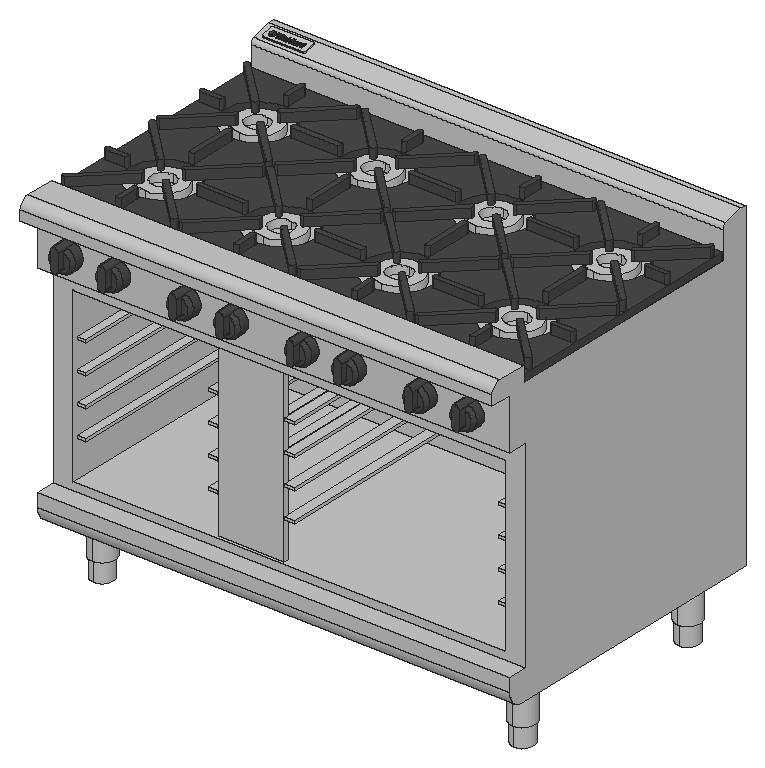
Revit family "QF_MOFFAT WALDORF_RNL8800G-CB", category Specialty Equipment, Revit 2012 (continued)
Lines and regions (mm)
  symbolic lines
    curve 20: line (349.562, -20.984, 0) -> (329.562, -20.984, 0)
    curve 21: line (389.563, -50.782, 0) -> (389.563, -20.984, 0)
    curve 22: line (389.563, -20.984, 0) -> (409.563, -20.984, 0)
    curve 23: line (409.563, -20.984, 0) -> (409.563, -50.782, 0)
    curve 24: line (409.563, -50.782, 0) -> (389.563, -50.782, 0)
    curve 25: line (449.563, -20.984, 0) -> (449.563, -50.782, 0)
    curve 26: line (449.563, -50.782, 0) -> (469.563, -50.782, 0)
    curve 27: line (469.563, -50.782, 0) -> (469.563, -20.984, 0)
    curve 28: line (469.563, -20.984, 0) -> (449.563, -20.984, 0)
    curve 29: line (509.563, -20.984, 0) -> (509.563, -50.782, 0)
    curve 30: line (509.563, -50.782, 0) -> (529.563, -50.782, 0)
    curve 31: line (529.563, -50.782, 0) -> (529.563, -20.984, 0)
    curve 32: line (529.563, -20.984, 0) -> (509.563, -20.984, 0)
    curve 33: line (569.563, -50.782, 0) -> (569.563, -20.984, 0)
    curve 34: line (569.563, -20.984, 0) -> (589.563, -20.984, 0)
    curve 35: line (589.563, -20.984, 0) -> (589.563, -50.782, 0)
    curve 36: line (589.563, -50.782, 0) -> (569.563, -50.782, 0)
    curve 37: line (629.563, -20.984, 0) -> (629.563, -50.782, 0)
    curve 38: line (629.563, -50.782, 0) -> (649.563, -50.782, 0)
    curve 39: line (649.563, -50.782, 0) -> (649.563, -20.984, 0)
    curve 40: line (649.563, -20.984, 0) -> (629.563, -20.984, 0)
    curve 41: line (689.563, -20.984, 0) -> (689.563, -50.782, 0)
    curve 42: line (689.563, -50.782, 0) -> (709.563, -50.782, 0)
    curve 43: line (709.563, -50.782, 0) -> (709.563, -20.984, 0)
    curve 44: line (709.563, -20.984, 0) -> (689.563, -20.984, 0)
    curve 45: line (749.563, -50.782, 0) -> (749.563, -20.984, 0)
    curve 46: line (749.563, -20.984, 0) -> (769.563, -20.984, 0)
    curve 47: line (769.563, -20.984, 0) -> (769.563, -50.782, 0)
    curve 48: line (769.563, -50.782, 0) -> (749.563, -50.782, 0)
    curve 49: line (809.563, -20.984, 0) -> (809.563, -50.782, 0)
    curve 50: line (809.563, -50.782, 0) -> (829.563, -50.782, 0)
    curve 51: line (829.563, -50.782, 0) -> (829.563, -20.984, 0)
    curve 52: line (829.563, -20.984, 0) -> (809.563, -20.984, 0)
    curve 53: line (869.563, -20.984, 0) -> (869.563, -50.782, 0)
    curve 54: line (869.563, -50.782, 0) -> (889.563, -50.782, 0)
    curve 55: line (889.563, -50.782, 0) -> (889.563, -20.984, 0)
    curve 56: line (889.563, -20.984, 0) -> (869.563, -20.984, 0)
    curve 57: line (929.563, -50.782, 0) -> (929.563, -20.984, 0)
    curve 58: line (929.563, -20.984, 0) -> (949.563, -20.984, 0)
    curve 59: line (949.563, -20.984, 0) -> (949.563, -50.782, 0)
    curve 60: line (949.563, -50.782, 0) -> (929.563, -50.782, 0)
    curve 61: line (989.563, -20.984, 0) -> (989.563, -50.782, 0)
    curve 62: line (989.563, -50.782, 0) -> (1009.563, -50.782, 0)
    curve 63: line (1009.563, -50.782, 0) -> (1009.563, -20.984, 0)
    curve 64: line (1009.563, -20.984, 0) -> (989.563, -20.984, 0)
    curve 65: arc (150, -153.418, 0) -> (234.082, -237.5, 0) -> (150, -321.582, 0) r 84.082
    curve 66: arc (150, -321.582, 0) -> (65.918, -237.5, 0) -> (150, -153.418, 0) r 84.082
    curve 67: arc (150, -294.5, 0) -> (207, -237.5, 0) -> (150, -180.5, 0) r 57
    curve 68: arc (150, -180.5, 0) -> (93, -237.5, 0) -> (150, -294.5, 0) r 57
    curve 69: arc (450, -321.582, 0) -> (365.918, -237.5, 0) -> (450, -153.418, 0) r 84.082
    curve 70: arc (450, -153.418, 0) -> (534.082, -237.5, 0) -> (450, -321.582, 0) r 84.082
    curve 71: arc (450, -180.5, 0) -> (393, -237.5, 0) -> (450, -294.5, 0) r 57
    curve 72: arc (450, -294.5, 0) -> (507, -237.5, 0) -> (450, -180.5, 0) r 57
    curve 73: arc (450, -621.582, 0) -> (365.918, -537.5, 0) -> (450, -453.418, 0) r 84.082
    curve 74: arc (450, -453.418, 0) -> (534.082, -537.5, 0) -> (450, -621.582, 0) r 84.082
    curve 75: arc (450, -480.5, 0) -> (393, -537.5, 0) -> (450, -594.5, 0) r 57
    curve 76: arc (450, -594.5, 0) -> (507, -537.5, 0) -> (450, -480.5, 0) r 57
    curve 77: arc (150, -453.418, 0) -> (234.082, -537.5, 0) -> (150, -621.582, 0) r 84.082
    curve 78: arc (150, -621.582, 0) -> (65.918, -537.5, 0) -> (150, -453.418, 0) r 84.082
    curve 79: arc (150, -594.5, 0) -> (207, -537.5, 0) -> (150, -480.5, 0) r 57
    curve 80: arc (150, -480.5, 0) -> (93, -537.5, 0) -> (150, -594.5, 0) r 57
    curve 81: arc (750, -153.418, 0) -> (834.082, -237.5, 0) -> (750, -321.582, 0) r 84.082
    curve 82: arc (750, -321.582, 0) -> (665.918, -237.5, 0) -> (750, -153.418, 0) r 84.082
    curve 83: arc (750, -294.5, 0) -> (807, -237.5, 0) -> (750, -180.5, 0) r 57
    curve 84: arc (750, -180.5, 0) -> (693, -237.5, 0) -> (750, -294.5, 0) r 57
    curve 85: arc (750, -453.418, 0) -> (834.082, -537.5, 0) -> (750, -621.582, 0) r 84.082
    curve 86: arc (750, -621.582, 0) -> (665.918, -537.5, 0) -> (750, -453.418, 0) r 84.082
    curve 87: arc (750, -594.5, 0) -> (807, -537.5, 0) -> (750, -480.5, 0) r 57
    curve 88: arc (750, -480.5, 0) -> (693, -537.5, 0) -> (750, -594.5, 0) r 57
    curve 89: arc (1050, -321.582, 0) -> (965.918, -237.5, 0) -> (1050, -153.418, 0) r 84.082
    curve 90: arc (1050, -153.418, 0) -> (1134.082, -237.5, 0) -> (1050, -321.582, 0) r 84.082
    curve 91: arc (1050, -294.5, 0) -> (1107, -237.5, 0) -> (1050, -180.5, 0) r 57
    curve 92: arc (1050, -180.5, 0) -> (993, -237.5, 0) -> (1050, -294.5, 0) r 57
    curve 93: arc (1050, -621.582, 0) -> (965.918, -537.5, 0) -> (1050, -453.418, 0) r 84.082
    curve 94: arc (1050, -453.418, 0) -> (1134.082, -537.5, 0) -> (1050, -621.582, 0) r 84.082
    curve 95: arc (1050, -480.5, 0) -> (993, -537.5, 0) -> (1050, -594.5, 0) r 57
    curve 96: arc (1050, -594.5, 0) -> (1107, -537.5, 0) -> (1050, -480.5, 0) r 57
    curve 97: line (149.548, -91.559, 0) -> (149.548, -150.474, 0)
    curve 98: line (292.985, -93.673, 0) -> (177.661, -208.996, 0)
    curve 99: line (6.308, -93.805, 0) -> (122.981, -210.478, 0)
    curve 100: line (4.051, -237.21, 0) -> (62.934, -237.21, 0)
    curve 101: line (237.206, -237.685, 0) -> (362.206, -237.685, 0)
    curve 102: line (177.414, -264.855, 0) -> (292.362, -379.803, 0)
    curve 103: line (121.919, -265.123, 0) -> (7.026, -380.016, 0)
    curve 104: line (149.925, -324.847, 0) -> (149.925, -444.847, 0)
    curve 105: line (149.548, -683.441, 0) -> (149.548, -624.526, 0)
    curve 106: line (292.985, -681.327, 0) -> (177.661, -566.004, 0)
    curve 107: line (6.308, -681.195, 0) -> (122.981, -564.522, 0)
    curve 108: line (4.051, -537.79, 0) -> (62.934, -537.79, 0)
    curve 109: line (237.206, -537.315, 0) -> (362.206, -537.315, 0)
    curve 110: line (177.414, -510.145, 0) -> (292.362, -395.197, 0)
    curve 111: line (121.919, -509.877, 0) -> (7.026, -394.984, 0)
    curve 112: line (450.452, -91.559, 0) -> (450.452, -150.474, 0)
    curve 113: line (307.015, -93.673, 0) -> (422.339, -208.996, 0)
    curve 114: line (593.692, -93.805, 0) -> (477.019, -210.478, 0)
    curve 115: line (422.586, -264.855, 0) -> (307.638, -379.803, 0)
    curve 116: line (478.081, -265.123, 0) -> (592.974, -380.016, 0)
    curve 117: line (450.075, -324.847, 0) -> (450.075, -444.847, 0)
    curve 118: line (450.452, -683.441, 0) -> (450.452, -624.526, 0)
    curve 119: line (307.015, -681.327, 0) -> (422.339, -566.004, 0)
    curve 120: line (593.692, -681.195, 0) -> (477.019, -564.522, 0)
    curve 121: line (362.794, -537.315, 0) -> (237.794, -537.315, 0)
    curve 122: line (422.586, -510.145, 0) -> (307.638, -395.197, 0)
    curve 123: line (478.081, -509.877, 0) -> (592.974, -394.984, 0)
    curve 124: arc (1050, -153.418, 0) -> (965.918, -237.5, 0) -> (1050, -321.582, 0) r 84.082
    curve 125: arc (1050, -321.582, 0) -> (1134.082, -237.5, 0) -> (1050, -153.418, 0) r 84.082
    curve 126: arc (1050, -294.5, 0) -> (993, -237.5, 0) -> (1050, -180.5, 0) r 57
    curve 127: arc (1050, -180.5, 0) -> (1107, -237.5, 0) -> (1050, -294.5, 0) r 57
    curve 128: arc (750, -321.582, 0) -> (834.082, -237.5, 0) -> (750, -153.418, 0) r 84.082
    curve 129: arc (750, -153.418, 0) -> (665.918, -237.5, 0) -> (750, -321.582, 0) r 84.082
    curve 130: arc (750, -180.5, 0) -> (807, -237.5, 0) -> (750, -294.5, 0) r 57
    curve 131: arc (750, -294.5, 0) -> (693, -237.5, 0) -> (750, -180.5, 0) r 57
    curve 132: arc (750, -621.582, 0) -> (834.082, -537.5, 0) -> (750, -453.418, 0) r 84.082
    curve 133: arc (750, -453.418, 0) -> (665.918, -537.5, 0) -> (750, -621.582, 0) r 84.082
    curve 134: arc (750, -480.5, 0) -> (807, -537.5, 0) -> (750, -594.5, 0) r 57
    curve 135: arc (750, -594.5, 0) -> (693, -537.5, 0) -> (750, -480.5, 0) r 57
    curve 136: arc (1050, -453.418, 0) -> (965.918, -537.5, 0) -> (1050, -621.582, 0) r 84.082
    curve 137: arc (1050, -621.582, 0) -> (1134.082, -537.5, 0) -> (1050, -453.418, 0) r 84.082
    curve 138: arc (1050, -594.5, 0) -> (993, -537.5, 0) -> (1050, -480.5, 0) r 57
    curve 139: arc (1050, -480.5, 0) -> (1107, -537.5, 0) -> (1050, -594.5, 0) r 57
    curve 140: line (1050.452, -91.559, 0) -> (1050.452, -150.474, 0)
    curve 141: line (907.015, -93.673, 0) -> (1022.339, -208.996, 0)
    curve 142: line (1195.949, -237.21, 0) -> (1137.066, -237.21, 0)
    curve 143: line (962.794, -237.685, 0) -> (837.794, -237.685, 0)
    curve 144: line (1022.586, -264.855, 0) -> (907.638, -379.803, 0)
    curve 145: line (1078.081, -265.123, 0) -> (1192.974, -380.016, 0)
    curve 146: line (1050.075, -324.847, 0) -> (1050.075, -444.847, 0)
    curve 147: line (1050.452, -683.441, 0) -> (1050.452, -624.526, 0)
    curve 148: line (907.015, -681.327, 0) -> (1022.339, -566.004, 0)
    curve 149: line (1193.692, -681.195, 0) -> (1077.019, -564.522, 0)
    curve 150: line (1195.949, -537.79, 0) -> (1137.066, -537.79, 0)
    curve 151: line (962.794, -537.315, 0) -> (837.794, -537.315, 0)
    curve 152: line (1022.586, -510.145, 0) -> (907.638, -395.197, 0)
    curve 153: line (1078.081, -509.877, 0) -> (1192.974, -394.984, 0)
    curve 154: line (749.548, -91.559, 0) -> (749.548, -150.474, 0)
    curve 155: line (892.985, -93.673, 0) -> (777.661, -208.996, 0)
    curve 156: line (606.308, -93.805, 0) -> (722.981, -210.478, 0)
    curve 157: line (777.414, -264.855, 0) -> (892.362, -379.803, 0)
    curve 158: line (721.919, -265.123, 0) -> (607.026, -380.016, 0)
    curve 159: line (749.925, -324.847, 0) -> (749.925, -444.847, 0)
    curve 160: line (749.548, -683.441, 0) -> (749.548, -624.526, 0)
    curve 161: line (892.985, -681.327, 0) -> (777.661, -566.004, 0)
    curve 162: line (606.308, -681.195, 0) -> (722.981, -564.522, 0)
    curve 163: line (837.206, -537.315, 0) -> (962.206, -537.315, 0)
    curve 164: line (777.414, -510.145, 0) -> (892.362, -395.197, 0)
    curve 165: line (721.919, -509.877, 0) -> (607.026, -394.984, 0)
    curve 166: line (1192.985, -93.673, 0) -> (1077.661, -208.996, 0)
    curve 167: line (537.5, -237.685, 0) -> (662.5, -237.685, 0)
    curve 168: line (663.089, -537.315, 0) -> (538.089, -537.315, 0)
    curve 169: line (0, -387.5, 0) -> (1200, -387.5, 0)
    curve 170: line (300.379, -70, 0) -> (300.379, -705, 0)
    curve 171: line (600, -70, 0) -> (600, -705, 0)
    curve 172: line (900, -70, 0) -> (900, -705, 0)
    curve 173: line (1200, -805, 0) -> (1200, 0, 0)
    curve 174: line (0, -805, 0) -> (1200, -805, 0)
    curve 175: line (0, 0, 0) -> (0, -805, 0)
    curve 176: line (1200, -705, 0) -> (0, -705, 0)
    curve 177: line (0, -70, 0) -> (1200, -70, 0)
    curve 178: line (1200, 0, 0) -> (0, 0, 0)
    curve 179: arc (150, -207.5, 150) -> (180, -237.5, 150) -> (150, -267.5, 150) r 30
    curve 180: arc (150, -267.5, 150) -> (120, -237.5, 150) -> (150, -207.5, 150) r 30
    curve 181: arc (450, -267.5, 150) -> (420, -237.5, 150) -> (450, -207.5, 150) r 30
    curve 182: arc (450, -207.5, 150) -> (480, -237.5, 150) -> (450, -267.5, 150) r 30
    curve 183: arc (750, -267.5, 150) -> (720, -237.5, 150) -> (750, -207.5, 150) r 30
    curve 184: arc (750, -207.5, 150) -> (780, -237.5, 150) -> (750, -267.5, 150) r 30
    curve 185: arc (1050, -267.5, 150) -> (1020, -237.5, 150) -> (1050, -207.5, 150) r 30
    curve 186: arc (1050, -207.5, 150) -> (1080, -237.5, 150) -> (1050, -267.5, 150) r 30
    curve 187: arc (1050, -567.5, 150) -> (1020, -537.5, 150) -> (1050, -507.5, 150) r 30
    curve 188: arc (1050, -507.5, 150) -> (1080, -537.5, 150) -> (1050, -567.5, 150) r 30
    curve 189: arc (750, -507.5, 150) -> (780, -537.5, 150) -> (750, -567.5, 150) r 30
    curve 190: arc (750, -567.5, 150) -> (720, -537.5, 150) -> (750, -507.5, 150) r 30
    curve 191: arc (450, -507.5, 150) -> (480, -537.5, 150) -> (450, -567.5, 150) r 30
    curve 192: arc (450, -567.5, 150) -> (420, -537.5, 150) -> (450, -507.5, 150) r 30
    curve 193: arc (150, -507.5, 150) -> (180, -537.5, 150) -> (150, -567.5, 150) r 30
    curve 194: arc (150, -567.5, 150) -> (120, -537.5, 150) -> (150, -507.5, 150) r 30
Dimensions and locks
  equal spacing: plane 3 "LEFT", plane 7 "Center Y", plane 4 "RIGHT"
  plane 3 "LEFT" to plane 4 "RIGHT" = 1200.0 mm
  equal spacing: plane 5 "FRONT", plane 8 "Center X", plane 1 "BACK"
  plane 5 "FRONT" to plane 1 "BACK" = 805.0 mm
  "Base Height": plane 9 "Base Height" to level
  plane 6 "TOP" to level = 970.0 mm
  plane 10 to plane 11 = 1069.0 mm
  "Body Height": plane 12 to level
  Extrusion 7 sketch curve to plane 13 = 64.8 mm
  level to Extrusion 4 = 655.0 mm
  Extrusion 26 to Extrusion 26 = 477.356 mm
  aligned and locked: level to plane 2
  aligned and locked: Extrusion 1 to Revolve 13 sketch curve
Automatic sketch dimensions
  curve 65 to curve 67 = 0.0 mm  (x2)
  curve 69 to curve 71 = 0.0 mm  (x2)
  curve 73 to curve 75 = 0.0 mm
  curve 74 to curve 76 = 0.0 mm
  curve 77 to curve 79 = 0.0 mm  (x2)
  curve 81 to curve 83 = 0.0 mm  (x2)
  curve 81 to curve 128 = 0.0 mm  (x3)
  curve 81 to curve 130 = 0.0 mm  (x2)
  curve 85 to curve 87 = 0.0 mm  (x2)
  curve 85 to curve 132 = 0.0 mm
  curve 85 to curve 134 = 0.0 mm  (x2)
  curve 86 to curve 133 = 0.0 mm
  curve 89 to curve 91 = 0.0 mm  (x2)
  curve 90 to curve 127 = 0.0 mm
  curve 91 to curve 126 = 0.0 mm  (x2)
  curve 93 to curve 95 = 0.0 mm  (x2)
  curve 94 to curve 136 = 0.0 mm
  curve 96 to curve 139 = 0.0 mm
  curve 125 to curve 127 = 0.0 mm  (x2)
  curve 137 to curve 139 = 0.0 mm  (x2)
  curve 171 to plane 7 "Center Y" = 0.0 mm
  curve 169 to plane 4 "RIGHT" = 0.0 mm
  plane 3 "LEFT" to curve 100 = 4.051 mm
  plane 3 "LEFT" to curve 108 = 4.051 mm
  plane 3 "LEFT" to curve 107 = 6.308 mm
  plane 3 "LEFT" to curve 99 = 6.308 mm
  plane 3 "LEFT" to curve 111 = 7.026 mm
  plane 3 "LEFT" to curve 103 = 7.026 mm
  plane 3 "LEFT" to curve 3 = 12.5 mm
  curve 100 to plane 11 = 2.066 mm
  curve 108 to plane 11 = 2.066 mm
  plane 11 to curve 4 = 56.5 mm
  plane 11 to curve 103 = 56.919 mm
  plane 11 to curve 111 = 56.919 mm
  curve 111 to curve 107 = 1.062 mm
  curve 103 to curve 99 = 1.062 mm
  curve 99 to curve 97 = 26.567 mm
  plane 11 to curve 105 = 84.548 mm
  curve 2 to curve 5 = 28.062 mm
  curve 103 to curve 104 = 28.006 mm
  curve 104 to curve 80 = 0.075 mm
  curve 104 to curve 68 = 0.075 mm
  curve 5 to curve 7 = 20.0 mm
  curve 65 to curve 102 = 27.414 mm
  curve 77 to curve 110 = 27.414 mm
  curve 67 to curve 98 = 27.661 mm
  curve 79 to curve 106 = 27.661 mm
  curve 6 to curve 9 = 40.0 mm
  curve 9 to curve 12 = 20.0 mm
  curve 102 to curve 101 = 59.792 mm
  curve 110 to curve 109 = 59.792 mm
  curve 109 to curve 121 = 0.589 mm  (x2)
  curve 10 to curve 13 = 40.0 mm
  curve 13 to curve 16 = 20.0 mm
  plane 8 "Center X" to curve 110 = 7.303 mm
  curve 104 to curve 110 = 142.437 mm
  plane 8 "Center X" to curve 102 = 22.697 mm
  curve 102 to curve 110 = 0.0 mm
  curve 105 to curve 106 = 143.437 mm
  plane 1 "BACK" to curve 98 = 93.673 mm
  curve 14 to curve 98 = 3.422 mm
  curve 14 to curve 170 = 10.817 mm
  curve 98 to curve 113 = 14.03 mm
  curve 106 to curve 119 = 14.03 mm
  plane 8 "Center X" to curve 122 = 7.303 mm
  curve 110 to curve 122 = 15.277 mm
  plane 8 "Center X" to curve 115 = 22.697 mm
  curve 102 to curve 115 = 15.277 mm
  curve 15 to curve 20 = 40.0 mm
  curve 17 to curve 19 = 20.0 mm
  curve 101 to curve 101 = 125.0 mm
  curve 121 to curve 109 = 124.411 mm
  curve 19 to curve 22 = 40.0 mm
  curve 21 to curve 23 = 20.0 mm
  curve 101 to curve 113 = 60.133 mm
  curve 121 to curve 119 = 59.544 mm
  curve 113 to curve 115 = 0.248 mm
  curve 119 to curve 122 = 0.248 mm
  curve 22 to curve 25 = 40.0 mm
  curve 122 to curve 73 = 27.414 mm
  curve 113 to curve 72 = 27.661 mm
  curve 74 to curve 117 = 0.075 mm
  curve 70 to curve 112 = 0.452 mm
  curve 73 to curve 118 = 0.452 mm
  curve 25 to curve 27 = 20.0 mm
  curve 73 to curve 120 = 27.019 mm
  curve 69 to curve 114 = 27.019 mm
  curve 73 to curve 123 = 28.081 mm
  curve 69 to curve 116 = 28.081 mm
  curve 26 to curve 30 = 40.0 mm
  curve 29 to curve 31 = 20.0 mm
  curve 167 to plane 7 "Center Y" = 62.5 mm
  curve 168 to plane 7 "Center Y" = 61.911 mm
  curve 33 to plane 7 "Center Y" = 30.437 mm
  curve 35 to plane 7 "Center Y" = 10.437 mm
  curve 123 to plane 7 "Center Y" = 7.026 mm
  curve 116 to plane 7 "Center Y" = 7.026 mm
  curve 120 to plane 7 "Center Y" = 6.308 mm
  curve 114 to plane 7 "Center Y" = 6.308 mm
  plane 7 "Center Y" to curve 156 = 6.308 mm
  plane 7 "Center Y" to curve 162 = 6.308 mm
  plane 7 "Center Y" to curve 165 = 7.026 mm
  plane 7 "Center Y" to curve 158 = 7.026 mm
  plane 7 "Center Y" to curve 37 = 29.563 mm
  curve 37 to curve 38 = 20.0 mm
  plane 7 "Center Y" to curve 167 = 62.5 mm
  plane 7 "Center Y" to curve 168 = 63.089 mm
  curve 38 to curve 41 = 40.0 mm
  curve 41 to curve 43 = 20.0 mm
  curve 167 to curve 158 = 59.419 mm
  curve 168 to curve 165 = 58.83 mm
  curve 158 to curve 156 = 1.062 mm
  curve 165 to curve 162 = 1.062 mm
  curve 162 to curve 160 = 26.567 mm
  curve 156 to curve 154 = 26.567 mm
  curve 43 to curve 45 = 40.0 mm
  curve 158 to curve 159 = 28.006 mm
  curve 159 to curve 128 = 0.075 mm
  curve 162 to curve 133 = 27.019 mm
  curve 45 to curve 47 = 20.0 mm
  curve 85 to curve 164 = 27.414 mm
  curve 81 to curve 157 = 27.414 mm
  curve 84 to curve 155 = 27.661 mm
  curve 134 to curve 161 = 27.661 mm
  curve 47 to curve 50 = 40.0 mm
  curve 49 to curve 51 = 20.0 mm
  curve 164 to curve 163 = 59.792 mm
  curve 163 to curve 151 = 0.589 mm  (x2)
  curve 157 to curve 143 = 60.381 mm
  curve 51 to curve 53 = 40.0 mm
  curve 53 to curve 55 = 20.0 mm
  plane 8 "Center X" to curve 164 = 7.303 mm
  curve 159 to curve 164 = 142.437 mm
  plane 8 "Center X" to curve 157 = 22.697 mm
  curve 157 to curve 164 = 0.0 mm
  curve 160 to curve 161 = 143.437 mm
  plane 1 "BACK" to curve 155 = 93.673 mm
  curve 54 to curve 155 = 3.422 mm
  curve 54 to curve 172 = 10.438 mm
  curve 161 to curve 148 = 14.03 mm
  plane 1 "BACK" to curve 141 = 93.673 mm
  curve 155 to curve 141 = 14.03 mm
  plane 8 "Center X" to curve 144 = 22.697 mm
  curve 157 to curve 144 = 15.277 mm
  plane 8 "Center X" to curve 152 = 7.303 mm
  curve 164 to curve 152 = 15.277 mm
  curve 55 to curve 58 = 40.0 mm
  curve 57 to curve 60 = 20.0 mm
  curve 151 to curve 163 = 124.411 mm
  curve 143 to curve 143 = 125.0 mm
  curve 59 to curve 62 = 40.0 mm
  curve 61 to curve 63 = 20.0 mm
  curve 143 to curve 141 = 59.544 mm
  curve 151 to curve 148 = 59.544 mm
  curve 148 to curve 152 = 0.248 mm
  curve 141 to curve 144 = 0.248 mm
  curve 148 to curve 139 = 27.661 mm
  curve 144 to curve 92 = 27.414 mm
  curve 125 to curve 146 = 0.075 mm
  curve 137 to curve 147 = 0.452 mm
  curve 62 to curve 140 = 40.89 mm
  curve 136 to curve 149 = 27.019 mm
  curve 126 to curve 166 = 27.661 mm
  curve 136 to curve 153 = 28.081 mm
  curve 124 to curve 145 = 28.081 mm
  plane 10 to curve 150 = 3.066 mm
  plane 10 to curve 142 = 3.066 mm
  plane 4 "RIGHT" to curve 145 = 7.026 mm
  plane 4 "RIGHT" to curve 153 = 7.026 mm
  plane 4 "RIGHT" to curve 166 = 7.015 mm
  plane 4 "RIGHT" to curve 149 = 6.308 mm
  plane 4 "RIGHT" to curve 150 = 4.051 mm
  plane 4 "RIGHT" to curve 142 = 4.051 mm
  curve 159 to plane 8 "Center X" = 42.347 mm
  curve 146 to plane 8 "Center X" = 42.347 mm
  curve 117 to plane 8 "Center X" = 42.347 mm
  curve 104 to plane 8 "Center X" = 42.347 mm
  curve 94 to curve 146 = 8.57 mm
  curve 73 to curve 117 = 8.57 mm
  curve 86 to curve 159 = 8.57 mm
  curve 137 to curve 94 = 0.0 mm
  curve 77 to curve 104 = 8.57 mm
  curve 133 to curve 86 = 0.0 mm
  curve 79 to curve 77 = 27.082 mm
  curve 96 to curve 93 = 27.082 mm
  curve 88 to curve 85 = 27.082 mm
  curve 75 to curve 73 = 27.082 mm
  curve 139 to curve 95 = 0.0 mm
  curve 135 to curve 87 = 0.0 mm
  curve 153 to curve 138 = 29.377 mm
  curve 123 to curve 75 = 29.377 mm
  curve 111 to curve 79 = 29.377 mm
  curve 165 to curve 134 = 29.377 mm
  curve 152 to curve 95 = 29.645 mm
  curve 122 to curve 76 = 29.645 mm
  curve 110 to curve 79 = 29.645 mm
  curve 164 to curve 88 = 29.645 mm
  curve 168 to curve 165 = 27.439 mm
  curve 151 to curve 164 = 27.171 mm
  curve 109 to curve 110 = 27.171 mm
  curve 163 to curve 151 = 0.0 mm
  curve 109 to curve 121 = 0.0 mm
  curve 73 to curve 122 = 27.355 mm
  curve 133 to curve 164 = 27.355 mm
  curve 95 to curve 152 = 27.355 mm
  curve 77 to curve 110 = 27.355 mm
  curve 150 to curve 153 = 27.913 mm
  curve 108 to curve 111 = 27.913 mm
  curve 149 to curve 136 = 27.022 mm
  curve 107 to curve 77 = 27.022 mm
  curve 120 to curve 73 = 27.022 mm
  curve 162 to curve 85 = 27.022 mm
  curve 95 to curve 148 = 28.496 mm
  curve 79 to curve 106 = 28.496 mm
  curve 75 to curve 119 = 28.496 mm
  curve 134 to curve 161 = 28.496 mm
  curve 118 to curve 74 = 2.944 mm
  curve 160 to curve 133 = 2.944 mm
  curve 105 to curve 78 = 2.944 mm
  curve 147 to curve 137 = 2.944 mm
  curve 107 to plane 5 "FRONT" = 123.805 mm
  curve 120 to curve 162 = 0.0 mm
  curve 149 to plane 5 "FRONT" = 123.805 mm
  curve 161 to curve 148 = 0.0 mm
  curve 106 to plane 5 "FRONT" = 123.673 mm
  curve 106 to curve 119 = 0.0 mm
  curve 105 to curve 105 = 58.914 mm
  curve 147 to curve 147 = 58.914 mm
  curve 118 to curve 118 = 58.914 mm
  curve 160 to curve 160 = 58.914 mm
  curve 172 to curve 148 = 23.673 mm
  curve 170 to curve 119 = 23.673 mm
  curve 171 to curve 162 = 23.805 mm
  plane 8 "Center X" to curve 123 = 7.516 mm
  plane 8 "Center X" to curve 153 = 7.516 mm
  plane 8 "Center X" to curve 165 = 7.516 mm
  plane 8 "Center X" to curve 111 = 7.516 mm
  curve 153 to curve 169 = 7.484 mm
  curve 165 to curve 158 = 14.968 mm
  curve 169 to curve 103 = 7.484 mm
  curve 169 to curve 145 = 7.484 mm
  curve 116 to curve 158 = 0.0 mm
  plane 8 "Center X" to curve 117 = 77.653 mm
  plane 8 "Center X" to curve 104 = 77.653 mm
  plane 8 "Center X" to curve 159 = 77.653 mm
  plane 8 "Center X" to curve 146 = 77.653 mm
  curve 104 to curve 65 = 3.265 mm
  curve 159 to curve 128 = 3.265 mm
  curve 146 to curve 90 = 3.265 mm
  curve 117 to curve 70 = 3.265 mm
  curve 125 to curve 90 = 0.0 mm
  curve 81 to curve 130 = 27.082 mm
  curve 84 to curve 131 = 0.0 mm
  curve 89 to curve 126 = 27.082 mm
  curve 65 to curve 68 = 27.082 mm
  curve 69 to curve 72 = 27.082 mm
  curve 127 to curve 145 = 29.377 mm
  curve 84 to curve 158 = 29.377 mm
  curve 68 to curve 103 = 29.377 mm
  curve 72 to curve 116 = 29.377 mm
  curve 130 to curve 157 = 29.645 mm
  curve 92 to curve 144 = 29.645 mm
  curve 67 to curve 102 = 29.645 mm
  curve 71 to curve 115 = 29.645 mm
  curve 102 to curve 101 = 27.171 mm
  curve 157 to curve 143 = 27.171 mm
  curve 116 to curve 167 = 27.439 mm
  curve 102 to curve 68 = 27.355 mm
  curve 115 to curve 69 = 27.355 mm
  curve 157 to curve 83 = 27.355 mm
  curve 144 to curve 127 = 27.355 mm
  curve 103 to curve 100 = 27.913 mm
  curve 145 to curve 142 = 27.913 mm
  curve 81 to curve 156 = 27.022 mm
  curve 69 to curve 114 = 27.022 mm
  curve 65 to curve 99 = 27.022 mm
  curve 166 to curve 126 = 28.496 mm
  curve 98 to curve 67 = 28.496 mm
  curve 113 to curve 72 = 28.496 mm
  curve 155 to curve 84 = 28.496 mm
  curve 141 to curve 91 = 28.496 mm
  curve 82 to curve 154 = 2.944 mm
  curve 66 to curve 97 = 2.944 mm
  curve 125 to curve 140 = 2.944 mm
  curve 70 to curve 112 = 2.944 mm
  plane 1 "BACK" to curve 99 = 93.805 mm
  curve 114 to curve 156 = 0.0 mm
  plane 1 "BACK" to curve 166 = 93.673 mm
  curve 97 to curve 97 = 58.914 mm
  curve 112 to curve 112 = 58.914 mm
  curve 154 to curve 154 = 58.914 mm
  curve 140 to curve 140 = 58.914 mm
  curve 156 to curve 171 = 23.805 mm
  curve 141 to curve 172 = 23.673 mm
  curve 113 to curve 170 = 23.673 mm
  curve 97 to curve 2 = 39.499 mm
  curve 170 to curve 18 = 19.218 mm
  plane 1 "BACK" to curve 41 = 50.782 mm
  plane 1 "BACK" to curve 62 = 50.782 mm
  curve 18 to curve 21 = 0.0 mm
  curve 42 to curve 45 = 0.0 mm
  curve 23 to curve 25 = 0.0 mm
  curve 47 to curve 49 = 0.0 mm
  curve 26 to curve 29 = 0.0 mm
  curve 39 to curve 41 = 0.0 mm
  curve 171 to curve 33 = 19.218 mm
  curve 2 to curve 5 = 1.278 mm
  curve 172 to curve 53 = 19.218 mm
  curve 172 to curve 57 = 19.218 mm
  curve 170 to curve 15 = 19.218 mm
  curve 7 to curve 12 = 0.0 mm
  plane 1 "BACK" to curve 1 = 21.784 mm
  plane 1 "BACK" to curve 63 = 20.984 mm
  plane 1 "BACK" to curve 39 = 20.984 mm
  plane 1 "BACK" to curve 9 = 20.984 mm
  plane 1 "BACK" to curve 7 = 20.984 mm
  plane 1 "BACK" to curve 13 = 20.984 mm
  plane 1 "BACK" to curve 35 = 20.984 mm
  plane 1 "BACK" to curve 59 = 20.984 mm
  plane 1 "BACK" to curve 56 = 20.984 mm
  plane 1 "BACK" to curve 52 = 20.984 mm
  plane 1 "BACK" to curve 17 = 20.984 mm
  plane 1 "BACK" to curve 32 = 20.984 mm
  plane 1 "BACK" to curve 28 = 20.984 mm
  plane 1 "BACK" to curve 23 = 20.984 mm
  plane 1 "BACK" to curve 47 = 20.984 mm
  plane 1 "BACK" to curve 44 = 20.984 mm
  plane 5 "FRONT" to curve 173 = 0.0 mm
  curve 174 to plane 3 "LEFT" = 0.0 mm
  plane 1 "BACK" to curve 175 = 0.0 mm
  Revolve 2 sketch curve to plane 6 "TOP" = 169.268 mm
  Revolve 2 sketch curve to plane 5 "FRONT" = 56.0 mm
  Revolve 2 sketch curve to plane 6 "TOP" = 136.768 mm
  Revolve 2 sketch curve to Revolve 2 sketch curve = 10.0 mm
  Revolve 2 sketch curve to Revolve 2 sketch curve = 21.3 mm
  Revolve 2 sketch curve to plane 5 "FRONT" = 23.0 mm
  Revolve 2 sketch curve to plane 5 "FRONT" = 12.0 mm
  Revolve 2 sketch curve to Revolve 2 sketch curve = 0.0 mm  (x2)
  Revolve 2 sketch curve to Revolve 2 sketch curve = 5.0 mm
  Revolve 2 sketch curve to plane 6 "TOP" = 142.617 mm
  Extrusion 3 sketch curve to plane 6 "TOP" = 142.373 mm
  plane 11 to Extrusion 3 sketch curve = 135.0 mm
  Extrusion 3 sketch curve to Extrusion 3 sketch curve = 10.0 mm
  Extrusion 3 sketch curve to plane 6 "TOP" = 181.37 mm
  plane 1 "BACK" to Extrusion 4 sketch curve = 32.0 mm
  Extrusion 4 sketch curve to plane 10 = 64.0 mm
  Revolve 5 sketch curve to plane 5 "FRONT" = 12.0 mm
  Revolve 5 sketch curve to Revolve 5 sketch curve = 0.0 mm  (x2)
  Revolve 5 sketch curve to Revolve 5 sketch curve = 11.0 mm
  Revolve 5 sketch curve to Revolve 5 sketch curve = 12.7 mm
  Revolve 5 sketch curve to Revolve 5 sketch curve = 23.0 mm
  Revolve 5 sketch curve to Revolve 5 sketch curve = 10.0 mm
  Revolve 5 sketch curve to plane 6 "TOP" = 137.0 mm
  Revolve 5 sketch curve to plane 6 "TOP" = 142.849 mm
  Revolve 5 sketch curve to plane 6 "TOP" = 164.5 mm
  Revolve 5 sketch curve to plane 6 "TOP" = 169.5 mm
  Extrusion 6 sketch curve to plane 6 "TOP" = 142.373 mm
  plane 11 to Extrusion 6 sketch curve = 35.0 mm
  Extrusion 6 sketch curve to Extrusion 6 sketch curve = 10.0 mm
  Extrusion 6 sketch curve to plane 6 "TOP" = 181.373 mm
  Extrusion 1 to Extrusion 7 sketch curve = 1.0 mm  (x2)
  Extrusion 7 sketch curve to Extrusion 7 sketch curve = 3.0 mm
  Extrusion 1 to Extrusion 7 sketch curve = 4.0 mm
  Extrusion 1 to Extrusion 7 sketch curve = 167.5 mm  (x4)
  Extrusion 7 sketch curve to Extrusion 1 = 167.5 mm  (x4)
  Extrusion 7 sketch curve to Extrusion 1 = 4.0 mm  (x2)
  Extrusion 7 sketch curve to Extrusion 1 = 1.0 mm
  Extrusion 1 to Extrusion 7 sketch curve = 150.0 mm  (x4)
  Extrusion 7 sketch curve to Extrusion 7 sketch curve = 0.0 mm
  Extrusion 8 sketch curve to Extrusion 7 = 22.602 mm  (x8)
  Extrusion 8 sketch curve to Extrusion 7 = 25.398 mm  (x8)
  Extrusion 8 sketch curve to Extrusion 8 sketch curve = 4.525 mm  (x64)
  Extrusion 8 sketch curve to Extrusion 8 sketch curve = 49.204 mm  (x7)
  Extrusion 8 sketch curve to Extrusion 8 sketch curve = 55.923 mm  (x30)
  Extrusion 8 sketch curve to Extrusion 8 sketch curve = 0.0 mm  (x26)
  Extrusion 8 sketch curve to Extrusion 8 sketch curve = 20.524 mm  (x22)
  Extrusion 8 sketch curve to Extrusion 8 sketch curve = 6.4 mm  (x22)
  Extrusion 8 sketch curve to Extrusion 8 sketch curve = 53.847 mm  (x32)
  Extrusion 8 sketch curve to Extrusion 7 = 5.102 mm  (x5)
  Extrusion 8 sketch curve to Extrusion 8 sketch curve = 128.447 mm  (x14)
  Extrusion 8 sketch curve to Extrusion 7 = 14.153 mm  (x2)
  Extrusion 8 sketch curve to Extrusion 8 sketch curve = 12.205 mm  (x20)
  Extrusion 8 sketch curve to Extrusion 8 sketch curve = 116.204 mm  (x10)
  Extrusion 8 sketch curve to Extrusion 7 = 7.898 mm  (x4)
  Extrusion 8 sketch curve to Extrusion 7 = 31.653 mm  (x5)
  Extrusion 8 sketch curve to Extrusion 7 = 57.102 mm
  Extrusion 1 to Split face 1 sketch curve = 5.177 mm
  Split face 1 sketch curve to Extrusion 1 = 9.153 mm
  Split face 1 sketch curve to Extrusion 1 = 149.562 mm
  Split face 1 sketch curve to Split face 1 sketch curve = 20.0 mm
  Revolve 9 sketch curve to plane 6 "TOP" = 169.268 mm
  Revolve 9 sketch curve to plane 5 "FRONT" = 56.0 mm
  Revolve 9 sketch curve to plane 6 "TOP" = 136.768 mm
  Revolve 9 sketch curve to Revolve 9 sketch curve = 10.0 mm
  Revolve 9 sketch curve to Revolve 9 sketch curve = 21.3 mm
  Revolve 9 sketch curve to plane 5 "FRONT" = 23.0 mm
  Revolve 9 sketch curve to plane 5 "FRONT" = 12.0 mm
  Revolve 9 sketch curve to Revolve 9 sketch curve = 0.0 mm  (x2)
  Revolve 9 sketch curve to Revolve 9 sketch curve = 5.0 mm
  Revolve 9 sketch curve to plane 6 "TOP" = 142.617 mm
  Extrusion 10 sketch curve to plane 6 "TOP" = 142.373 mm
  Extrusion 10 sketch curve to plane 7 "Center Y" = 100.0 mm
  Extrusion 10 sketch curve to Extrusion 10 sketch curve = 10.0 mm
  Extrusion 10 sketch curve to plane 6 "TOP" = 181.37 mm
  Revolve 11 sketch curve to plane 5 "FRONT" = 12.0 mm
  Revolve 11 sketch curve to Revolve 11 sketch curve = 0.0 mm  (x2)
  Revolve 11 sketch curve to Revolve 11 sketch curve = 11.0 mm
  Revolve 11 sketch curve to Revolve 11 sketch curve = 12.7 mm
  Revolve 11 sketch curve to Revolve 11 sketch curve = 23.0 mm
  Revolve 11 sketch curve to Revolve 11 sketch curve = 10.0 mm
  Revolve 11 sketch curve to plane 6 "TOP" = 137.0 mm
  Revolve 11 sketch curve to plane 6 "TOP" = 142.849 mm
  Revolve 11 sketch curve to plane 6 "TOP" = 164.5 mm
  Revolve 11 sketch curve to plane 6 "TOP" = 169.5 mm
  Extrusion 12 sketch curve to plane 6 "TOP" = 142.373 mm
  Extrusion 12 sketch curve to plane 7 "Center Y" = 200.0 mm
  Extrusion 12 sketch curve to Extrusion 12 sketch curve = 10.0 mm
  Extrusion 12 sketch curve to plane 6 "TOP" = 181.373 mm
  Revolve 13 sketch curve to Revolve 13 sketch curve = 23.0 mm
  Revolve 13 sketch curve to Revolve 13 sketch curve = 12.7 mm
  Revolve 13 sketch curve to Revolve 13 sketch curve = 0.0 mm
  Revolve 13 sketch curve to plane 6 "TOP" = 169.268 mm  (x2)
  Revolve 13 sketch curve to Revolve 13 sketch curve = 5.0 mm
  Revolve 13 sketch curve to plane 6 "TOP" = 142.617 mm
  Revolve 13 sketch curve to Revolve 13 sketch curve = 5.849 mm
  Extrusion 14 sketch curve to plane 6 "TOP" = 142.373 mm
  plane 7 "Center Y" to Extrusion 14 sketch curve = 199.375 mm
  Extrusion 14 sketch curve to Extrusion 14 sketch curve = 10.0 mm
  Extrusion 14 sketch curve to plane 6 "TOP" = 181.37 mm
  Revolve 15 sketch curve to plane 5 "FRONT" = 12.0 mm
  Revolve 15 sketch curve to Revolve 15 sketch curve = 0.0 mm  (x2)
  Revolve 15 sketch curve to Revolve 15 sketch curve = 11.0 mm
  Revolve 15 sketch curve to Revolve 15 sketch curve = 12.7 mm
  Revolve 15 sketch curve to Revolve 15 sketch curve = 23.0 mm
  Revolve 15 sketch curve to Revolve 15 sketch curve = 10.0 mm
  Revolve 15 sketch curve to plane 6 "TOP" = 137.0 mm
  Revolve 15 sketch curve to plane 6 "TOP" = 142.849 mm
  Revolve 15 sketch curve to plane 6 "TOP" = 164.5 mm
  Revolve 15 sketch curve to plane 6 "TOP" = 169.5 mm
  Extrusion 16 sketch curve to plane 6 "TOP" = 142.373 mm
  plane 7 "Center Y" to Extrusion 16 sketch curve = 99.375 mm
  Extrusion 16 sketch curve to Extrusion 16 sketch curve = 10.0 mm
  Extrusion 16 sketch curve to plane 6 "TOP" = 181.373 mm
  Revolve 17 sketch curve to plane 6 "TOP" = 169.268 mm
  Revolve 17 sketch curve to plane 5 "FRONT" = 56.0 mm
  Revolve 17 sketch curve to plane 6 "TOP" = 136.768 mm
  Revolve 17 sketch curve to Revolve 17 sketch curve = 10.0 mm
  Revolve 17 sketch curve to Revolve 17 sketch curve = 21.3 mm
  Revolve 17 sketch curve to plane 5 "FRONT" = 23.0 mm
  Revolve 17 sketch curve to plane 5 "FRONT" = 12.0 mm
  Revolve 17 sketch curve to Revolve 17 sketch curve = 0.0 mm  (x2)
  Revolve 17 sketch curve to plane 6 "TOP" = 142.617 mm
  Revolve 17 sketch curve to Revolve 17 sketch curve = 5.0 mm
  Extrusion 18 sketch curve to plane 6 "TOP" = 142.373 mm
  Extrusion 18 sketch curve to plane 10 = 134.0 mm
  Extrusion 18 sketch curve to Extrusion 18 sketch curve = 10.0 mm
  Extrusion 18 sketch curve to plane 6 "TOP" = 181.37 mm
  Revolve 19 sketch curve to plane 5 "FRONT" = 12.0 mm
  Revolve 19 sketch curve to Revolve 19 sketch curve = 0.0 mm
  Revolve 19 sketch curve to Revolve 19 sketch curve = 11.0 mm
  Revolve 19 sketch curve to Revolve 19 sketch curve = 12.7 mm
  Revolve 19 sketch curve to Revolve 19 sketch curve = 23.0 mm
  Revolve 19 sketch curve to Revolve 19 sketch curve = 10.0 mm
  Revolve 19 sketch curve to plane 6 "TOP" = 169.5 mm  (x2)
  Revolve 19 sketch curve to Revolve 19 sketch curve = 5.0 mm
  Revolve 19 sketch curve to plane 6 "TOP" = 142.849 mm
  Revolve 19 sketch curve to Revolve 19 sketch curve = 5.849 mm
  Extrusion 20 sketch curve to plane 6 "TOP" = 142.373 mm
  Extrusion 20 sketch curve to plane 10 = 34.0 mm
  Extrusion 20 sketch curve to Extrusion 20 sketch curve = 10.0 mm
  Extrusion 20 sketch curve to plane 6 "TOP" = 181.373 mm
  Extrusion 1 to Split face 2 sketch curve = 5.177 mm
  Split face 2 sketch curve to Extrusion 1 = 9.153 mm
  Split face 2 sketch curve to Extrusion 1 = 209.562 mm
  Split face 2 sketch curve to Split face 2 sketch curve = 20.0 mm
  Extrusion 1 to Split face 3 sketch curve = 5.177 mm
  Split face 3 sketch curve to Extrusion 1 = 9.153 mm
  Split face 3 sketch curve to Extrusion 1 = 269.562 mm
  Split face 3 sketch curve to Split face 3 sketch curve = 20.0 mm
  Extrusion 1 to Split face 4 sketch curve = 5.177 mm
  Split face 4 sketch curve to Extrusion 1 = 9.153 mm
  Split face 4 sketch curve to Extrusion 1 = 329.562 mm
  Split face 4 sketch curve to Split face 4 sketch curve = 20.0 mm
  Extrusion 1 to Split face 5 sketch curve = 5.177 mm
  Split face 5 sketch curve to Extrusion 1 = 9.153 mm
  Split face 5 sketch curve to Extrusion 1 = 389.563 mm
  Split face 5 sketch curve to Split face 5 sketch curve = 20.0 mm
  Extrusion 1 to Split face 6 sketch curve = 5.177 mm
  Split face 6 sketch curve to Extrusion 1 = 9.153 mm
  Split face 6 sketch curve to Extrusion 1 = 449.563 mm
  Split face 6 sketch curve to Split face 6 sketch curve = 20.0 mm
  Extrusion 1 to Split face 7 sketch curve = 5.177 mm
  Split face 7 sketch curve to Extrusion 1 = 9.153 mm
  Split face 7 sketch curve to Extrusion 1 = 509.563 mm
  Split face 7 sketch curve to Split face 7 sketch curve = 20.0 mm
  Extrusion 1 to Split face 8 sketch curve = 5.177 mm
  Split face 8 sketch curve to Extrusion 1 = 9.153 mm
  Split face 8 sketch curve to Extrusion 1 = 569.563 mm
  Split face 8 sketch curve to Split face 8 sketch curve = 20.0 mm
  Extrusion 1 to Split face 9 sketch curve = 5.177 mm
  Split face 9 sketch curve to Extrusion 1 = 9.153 mm
  Split face 9 sketch curve to Extrusion 1 = 570.437 mm
  Split face 9 sketch curve to Split face 9 sketch curve = 20.0 mm
  Extrusion 1 to Split face 10 sketch curve = 5.177 mm
  Split face 10 sketch curve to Extrusion 1 = 9.153 mm
  Split face 10 sketch curve to Extrusion 1 = 510.437 mm
  Split face 10 sketch curve to Split face 10 sketch curve = 20.0 mm
  Extrusion 1 to Split face 11 sketch curve = 5.177 mm
  Split face 11 sketch curve to Extrusion 1 = 9.153 mm
  Split face 11 sketch curve to Extrusion 1 = 450.437 mm
  Split face 11 sketch curve to Split face 11 sketch curve = 20.0 mm
  Extrusion 1 to Split face 12 sketch curve = 5.177 mm
  Split face 12 sketch curve to Extrusion 1 = 9.153 mm
  Split face 12 sketch curve to Extrusion 1 = 390.437 mm
  Split face 12 sketch curve to Split face 12 sketch curve = 20.0 mm
  Extrusion 1 to Split face 13 sketch curve = 5.177 mm
  Split face 13 sketch curve to Extrusion 1 = 9.153 mm
  Split face 13 sketch curve to Extrusion 1 = 330.437 mm
  Split face 13 sketch curve to Split face 13 sketch curve = 20.0 mm
  Extrusion 1 to Split face 14 sketch curve = 5.177 mm
  Split face 14 sketch curve to Extrusion 1 = 9.153 mm
  Split face 14 sketch curve to Extrusion 1 = 270.437 mm
  Split face 14 sketch curve to Split face 14 sketch curve = 20.0 mm
  Extrusion 1 to Split face 15 sketch curve = 5.177 mm
  Split face 15 sketch curve to Extrusion 1 = 9.153 mm
  Split face 15 sketch curve to Extrusion 1 = 210.437 mm
  Split face 15 sketch curve to Split face 15 sketch curve = 20.0 mm
  Revolve 21 sketch curve to plane 9 "Base Height" = 0.0 mm
  Revolve 21 sketch curve to level = 0.0 mm
  level to Revolve 21 sketch curve = 50.0 mm
  plane 1 "BACK" to Revolve 21 sketch curve = 131.75 mm
  Revolve 21 sketch curve to Revolve 21 sketch curve = 4.25 mm
  Revolve 21 sketch curve to Revolve 21 sketch curve = 27.5 mm  (x2)
  Revolve 21 sketch curve to Revolve 21 sketch curve = 55.0 mm
  Revolve 21 sketch curve to Revolve 21 sketch curve = 0.0 mm
  Revolve 22 sketch curve to plane 9 "Base Height" = 0.0 mm
  Revolve 22 sketch curve to level = 0.0 mm
  level to Revolve 22 sketch curve = 50.0 mm
  Revolve 22 sketch curve to plane 5 "FRONT" = 148.25 mm
  Revolve 22 sketch curve to Revolve 22 sketch curve = 4.25 mm
  Revolve 22 sketch curve to Revolve 22 sketch curve = 27.5 mm  (x2)
  Revolve 22 sketch curve to Revolve 22 sketch curve = 55.0 mm
  Revolve 22 sketch curve to Revolve 22 sketch curve = 0.0 mm
  Revolve 23 sketch curve to plane 9 "Base Height" = 0.0 mm
  Revolve 23 sketch curve to level = 0.0 mm
  level to Revolve 23 sketch curve = 50.0 mm
  plane 1 "BACK" to Revolve 23 sketch curve = 131.75 mm
  Revolve 23 sketch curve to Revolve 23 sketch curve = 4.25 mm
  Revolve 23 sketch curve to Revolve 23 sketch curve = 27.5 mm  (x2)
  Revolve 23 sketch curve to Revolve 23 sketch curve = 0.0 mm
  Revolve 23 sketch curve to Revolve 23 sketch curve = 55.0 mm
  Revolve 24 sketch curve to plane 9 "Base Height" = 0.0 mm
  Revolve 24 sketch curve to level = 0.0 mm
  level to Revolve 24 sketch curve = 50.0 mm
  Revolve 24 sketch curve to plane 5 "FRONT" = 148.25 mm
  Revolve 24 sketch curve to Revolve 24 sketch curve = 4.25 mm
  Revolve 24 sketch curve to Revolve 24 sketch curve = 27.5 mm  (x2)
  Revolve 24 sketch curve to Revolve 24 sketch curve = 0.0 mm
  Revolve 24 sketch curve to Revolve 24 sketch curve = 55.0 mm
  Extrusion 25 sketch curve to plane 3 "LEFT" = 0.0 mm
  Extrusion 25 sketch curve to plane 11 = 15.0 mm
  plane 7 "Center Y" to Extrusion 25 sketch curve = 550.0 mm
  Extrusion 25 sketch curve to Extrusion 25 sketch curve = 50.0 mm
  plane 9 "Base Height" to Extrusion 25 sketch curve = 0.0 mm
  Extrusion 25 sketch curve to Extrusion 25 sketch curve = 92.5 mm
  Extrusion 25 sketch curve to plane 12 = 235.0 mm
  Extrusion 25 sketch curve to Extrusion 25 sketch curve = 55.0 mm
  Extrusion 1 sketch curve to plane 5 "FRONT" = 0.0 mm
  Extrusion 1 sketch curve to plane 12 = 0.0 mm
  Extrusion 1 sketch curve to plane 9 "Base Height" = 0.0 mm  (x2)
  Extrusion 1 sketch curve to plane 6 "TOP" = 0.0 mm
  Extrusion 1 sketch curve to plane 5 "FRONT" = 24.0 mm
  Extrusion 1 sketch curve to plane 5 "FRONT" = 56.0 mm  (x2)
  Extrusion 1 sketch curve to Extrusion 1 sketch curve = 38.0 mm
  Extrusion 1 sketch curve to Extrusion 1 sketch curve = 44.0 mm
  Extrusion 1 sketch curve to Extrusion 1 sketch curve = 12.0 mm
  plane 1 "BACK" to Extrusion 1 sketch curve = 70.0 mm
  Extrusion 1 sketch curve to Extrusion 1 sketch curve = 8.894 mm
  Extrusion 1 sketch curve to Extrusion 1 sketch curve = 3.106 mm
  Extrusion 1 sketch curve to Extrusion 1 sketch curve = 15.0 mm
  Extrusion 1 sketch curve to Extrusion 1 sketch curve = 34.5 mm
  Extrusion 1 sketch curve to plane 12 = 180.0 mm
  Extrusion 1 sketch curve to Extrusion 1 sketch curve = 25.0 mm
  Extrusion 1 sketch curve to Extrusion 1 sketch curve = 40.0 mm
  Extrusion 1 sketch curve to plane 6 "TOP" = 23.945 mm
  plane 1 "BACK" to Extrusion 1 sketch curve = 135.7 mm
  Extrusion 1 sketch curve to plane 1 "BACK" = 0.0 mm
  plane 1 "BACK" to Extrusion 26 sketch curve = 87.26 mm
  plane 7 "Center Y" to Extrusion 26 sketch curve = 533.988 mm
  Extrusion 26 sketch curve to Extrusion 26 sketch curve = 81.0 mm
  Extrusion 26 sketch curve to Extrusion 26 sketch curve = 48.5 mm
  plane 1 "BACK" to Extrusion 26 sketch curve = 38.76 mm
  Extrusion 26 sketch curve to plane 1 "BACK" = 30.24 mm
  Extrusion 1 to Extrusion 28 sketch curve = 75.0 mm  (x2)
  Extrusion 28 sketch curve to Extrusion 1 = 188.75 mm  (x3)
  Extrusion 28 sketch curve to Extrusion 28 sketch curve = 0.0 mm  (x9)
  Extrusion 1 to Extrusion 28 sketch curve = 50.0 mm  (x4)
  Extrusion 28 sketch curve to Extrusion 28 sketch curve = 6.35 mm  (x16)
  Extrusion 28 sketch curve to Extrusion 28 sketch curve = 68.65 mm  (x12)
  Extrusion 28 sketch curve to Extrusion 28 sketch curve = 25.0 mm  (x16)
  Extrusion 28 sketch curve to Extrusion 28 sketch curve = 520.75 mm
  Extrusion 28 sketch curve to Extrusion 28 sketch curve = 168.5 mm
  Extrusion 27 sketch curve to Extrusion 1 = 92.5 mm
  Extrusion 1 to Extrusion 27 sketch curve = 55.0 mm
  Extrusion 1 to Extrusion 27 sketch curve = 578.5 mm
  Extrusion 27 sketch curve to Extrusion 27 sketch curve = 166.0 mm
  Revolve 13 sketch curve to Revolve 13 sketch curve = 10.0 mm
  Revolve 13 sketch curve to Revolve 13 sketch curve = 21.3 mm
  Extrusion 7 sketch curve to Extrusion 7 sketch curve = 300.0 mm  (x3)
  Extrusion 29 sketch curve to Extrusion 29 sketch curve = 0.0 mm  (x98)
  Extrusion 1 to Extrusion 29 sketch curve = 110.5 mm  (x4)
  Extrusion 29 sketch curve to Extrusion 29 sketch curve = 27.0 mm  (x8)
  Extrusion 29 sketch curve to Extrusion 29 sketch curve = 30.0 mm  (x8)
  Extrusion 29 sketch curve to Extrusion 29 sketch curve = 186.0 mm  (x4)
  Extrusion 1 to Extrusion 29 sketch curve = 150.0 mm  (x4)
  Extrusion 29 sketch curve to Extrusion 29 sketch curve = 300.0 mm  (x2)
  plane 11 to curve 179 = 85.0 mm
  plane 8 "Center X" to curve 179 = 195.0 mm
  curve 179 to curve 180 = 30.0 mm
  curve 182 to plane 7 "Center Y" = 150.0 mm
  plane 8 "Center X" to curve 182 = 195.0 mm
  curve 181 to curve 182 = 30.0 mm
  plane 7 "Center Y" to curve 184 = 150.0 mm
  plane 8 "Center X" to curve 184 = 195.0 mm
  curve 183 to curve 184 = 30.0 mm
  curve 186 to plane 10 = 84.0 mm
  plane 8 "Center X" to curve 185 = 195.0 mm
  curve 185 to curve 186 = 30.0 mm
  curve 187 to plane 10 = 84.0 mm
  curve 188 to plane 8 "Center X" = 105.0 mm
  curve 187 to curve 188 = 30.0 mm
  plane 7 "Center Y" to curve 189 = 150.0 mm
  curve 189 to plane 8 "Center X" = 105.0 mm
  curve 189 to curve 190 = 30.0 mm
  curve 191 to plane 7 "Center Y" = 150.0 mm
  curve 191 to plane 8 "Center X" = 105.0 mm
  curve 191 to curve 192 = 30.0 mm
  curve 193 to curve 194 = 0.0 mm  (x2)
  plane 11 to curve 193 = 85.0 mm
  curve 194 to plane 8 "Center X" = 105.0 mm
  curve 193 to curve 193 = 30.0 mm
  radius of Extrusion 4 sketch curve = 13.5 mm
  radius of Extrusion 7 sketch curve = 84.082 mm  (x8)
Nested families
  nested 1: "RNL8800G-CB-CASTERS" at (65, -100, 0), Show Casters <- "Show Casters", visible <- "Show Casters", type "RNL8800G-CB-CASTERS"
    with Type Mark "", Status "", Specification by User "", Show Casters no, Revision Code "", Item Number "", Installed By "", Identify Quantity as Lot yes, Furnished By "", Foodservice Equipment Identifier yes
  nested 2: "RNL8800G-CB-CASTERS" at (1134, -100, 0), Show Casters <- "Show Casters", visible <- "Show Casters", type "RNL8800G-CB-CASTERS"
    with Type Mark "", Status "", Specification by User "", Show Casters no, Revision Code "", Item Number "", Installed By "", Identify Quantity as Lot yes, Furnished By "", Foodservice Equipment Identifier yes
  nested 3: "WALDORF LOGO_FACE BASE" at (12.302, -20.622, 968.494) x (1, 0, 0) z (0, -0.2588, 0.9659), visible <- "Show Logo", type "WALDORF LOGO_FACE BASE", detail levels medium+fine
    with Show Logo yes
Connectors
  piping at (1070, -32, 655)
    settings: on Extrusion 4, index 1, connector radius 0.37402", flow factor 0, pipe flow 0 GPM, pressure drop 0.00 psi, fitting loss kfactor 0, connector angle 0.00°, fixture units 0, engagement length 0.0 mm, flow configuration 1, flow direction 1, fitting loss method 0, system type 7, joint type 0, gender type 0, connector reference index -1, connector utility 0, adjustable connector no, is connector primary yes, fitting loss table "", connector description "GAS CONNECTION"
Definition of nested family "WALDORF LOGO_FACE BASE"
  Parameters (values of type "WALDORF LOGO_FACE BASE")
    Show Logo [instance] = yes
    Default Elevation = 1219.2 mm
  Reference planes
    plane 1 "Center (Front/Back)": y = 0
    plane 2: z = 0
    plane 3 "Center (Left/Right)": x = 0
  Forms (mm)
    Extrusion 1, solid
      sketch origin (0, 0, 0) x (1, 0, 0) y (0, 1, 0)
        loop
          line (-1219.2, 1219.2) -> (-1219.2, -1219.2) -> (1219.2, -1219.2) -> (1219.2, 1219.2) -> (-1219.2, 1219.2)
      from 0 to -304.8
    Extrusion 2, solid, material "QF_Finishes_Stainless Steel", visible <- "Show Logo"
      sketch origin (0, -33.217, 0) x (1, 0, 0) y (0, 1, 0)
        loop
          arc (5, 34.14) -> (1.464, 32.676) -> (0, 29.14) r 5
          line (0, 29.14) -> (0, 5)
          arc (0, 5) -> (1.464, 1.464) -> (5, 0) r 5
          line (5, 0) -> (104, 0)
          arc (104, 0) -> (107.536, 1.464) -> (109, 5) r 5
          line (109, 5) -> (109, 29.14)
          arc (109, 29.14) -> (107.536, 32.676) -> (104, 34.14) r 5
          line (104, 34.14) -> (5, 34.14)
      from 0 to 1.588
    Extrusion 3, solid, material "QF_Finishes_Black", visible <- "Show Logo"
      sketch origin (0, -33.217, 1.588) x (1, 0, 0) y (0, 1, 0)
        loop
          line (24.772, 23.214) -> (27.992, 10.301) -> (31.551, 10.301) -> (33.443, 17.364) -> (35.205, 10.301) -> (39.332, 10.301) -> (42.077, 23.214) -> (38.352, 23.214) -> (36.676, 15.33) -> (35, 23.214) -> (31.752, 23.214) -> (30.076, 15.33) -> (28.4, 23.214) -> (24.772, 23.214)
        loop
          line (42.272, 17.055) -> (45.703, 17.055)
          spline (45.703, 17.055) -> (45.741, 17.285) -> (45.852, 17.499) -> (46.028, 17.682) -> (46.258, 17.823) -> (46.526, 17.912) -> (46.813, 17.942) -> (47.1, 17.912) -> (47.368, 17.823) -> (47.597, 17.682) -> (47.774, 17.499) -> (47.884, 17.285) -> (47.922, 17.055)
          line (47.922, 17.055) -> (47.922, 16.222)
          arc (47.922, 16.222) -> (45.742, 16.014) -> (43.665, 15.317) r 9.604
          arc (43.665, 15.317) -> (41.924, 12.809) -> (43.665, 10.301) r 2.677
          arc (43.665, 10.301) -> (45.527, 10.353) -> (47.332, 10.816) r 8.365
          line (47.332, 10.816) -> (48.092, 11.105) -> (48.092, 10.301) -> (51.817, 10.301) -> (51.817, 17.055)
          spline (51.817, 17.055) -> (51.654, 17.821) -> (51.178, 18.535) -> (50.419, 19.148) -> (49.431, 19.619) -> (48.28, 19.914) -> (47.044, 20.015) -> (45.809, 19.914) -> (44.658, 19.619) -> (43.67, 19.148) -> (42.911, 18.535) -> (42.434, 17.821) -> (42.272, 17.055)
        loop
          line (53.151, 23.214) -> (53.151, 10.301) -> (57.37, 10.301) -> (57.37, 23.214) -> (53.151, 23.214)
        loop
          line (64.874, 23.214) -> (64.874, 18.857)
          arc (64.874, 18.857) -> (58.083, 15.11) -> (64.874, 11.363) r 4.429
          line (64.874, 11.363) -> (64.874, 10.301) -> (68.378, 10.301) -> (68.378, 23.214) -> (64.874, 23.214)
        loop
          arc (64.874, 16.083) -> (61.41, 14.987) -> (64.874, 13.891) r 1.905
          line (64.874, 13.891) -> (64.874, 16.083)
        loop
          circle (74.623, 15.223) r 5
        loop
          spline (74.623, 17.856) -> (74.355, 17.766) -> (74.105, 17.503) -> (73.891, 17.084) -> (73.726, 16.539) -> (73.623, 15.904) -> (73.588, 15.223) -> (73.623, 14.541) -> (73.726, 13.906) -> (73.891, 13.361) -> (74.105, 12.942) -> (74.355, 12.679) -> (74.623, 12.59)
          spline (74.623, 12.59) -> (74.891, 12.679) -> (75.141, 12.942) -> (75.355, 13.361) -> (75.52, 13.906) -> (75.623, 14.541) -> (75.659, 15.223) -> (75.623, 15.904) -> (75.52, 16.539) -> (75.355, 17.084) -> (75.141, 17.503) -> (74.891, 17.766) -> (74.623, 17.856)
        loop
          line (81.255, 19.813) -> (81.255, 10.301) -> (84.834, 10.301) -> (84.834, 14.176)
          arc (84.834, 14.176) -> (85.854, 16.093) -> (88.013, 16.32) r 2.313
          line (88.013, 16.32) -> (88.013, 19.813) -> (87.161, 19.813)
          arc (87.161, 19.813) -> (85.526, 19.266) -> (84.549, 17.844) r 2.717
          line (84.549, 17.844) -> (84.549, 19.813) -> (81.255, 19.813)
        loop
          line (90.249, 19.813) -> (88.91, 19.813) -> (88.91, 17.614) -> (90.249, 17.614) -> (90.249, 10.301) -> (93.998, 10.301) -> (93.998, 17.614) -> (95.418, 17.614) -> (95.418, 19.813) -> (93.998, 19.813)
          arc (93.998, 19.813) -> (94.414, 20.817) -> (95.418, 21.233) r 1.42
          line (95.418, 21.233) -> (95.418, 23.602) -> (93.317, 23.602)
          arc (93.317, 23.602) -> (91.343, 22.903) -> (90.249, 21.118) r 3.137
          line (90.249, 21.118) -> (90.249, 19.813)
        loop
          arc (15.241, 23.571) -> (8.392, 16.525) -> (15.241, 9.479) r 7.049
          line (15.241, 9.479) -> (15.241, 23.571)
        loop
          line (15.641, 23.571) -> (15.641, 9.479)
          arc (15.641, 9.479) -> (22.49, 16.525) -> (15.641, 23.571) r 7.049
        loop
          arc (47.922, 14.711) -> (46.266, 13.749) -> (47.922, 12.787) r 1.107
          line (47.922, 12.787) -> (47.922, 14.711)
      from 0 to 0.2
  Dimensions and locks
    aligned and locked: plane 2 to Extrusion 1
    aligned and locked: level to Extrusion 1
Definition of nested family "RNL8800G-CB-CASTERS"
  Parameters (values of type "BTL8450-CB-CASTERS")
    Weight = ""
    URL Manufacturer = ""
    URL Cutsheet = ""
    URL = ""
    Type Mark [instance] = ""
    Status [instance] = ""
    Specification by User [instance] = ""
    Specification by Manufacturer = ""
    Show Casters [instance] = no
    Serial Number = ""
    Seismic Rating = ""
    SMACNA No = ""
    Revision Code [instance] = ""
    Omniclass Number and Title = ""
    NAFEM Spec ID Number = ""
    Model = ""
    MasterSpec. = ""
    Manufacturer = ""
    Item Number [instance] = ""
    Installed By [instance] = ""
    Identify Quantity as Lot [instance] = yes
    Furnished By [instance] = ""
    Foodservice Equipment Identifier [instance] = yes
    Description = ""
    CSI MasterFormat = ""
    CSI Master Format = ""
    Assembly Code = ""
  Reference planes
    plane 1: z = 0
    plane 2 "RIGHT": x = 0
    plane 3 "FRONT": y = 0
    plane 4 "TOP": z = 177.8
  Forms (mm)
    Revolve 1, solid, material "QF_Finishes_Stainless Steel", visible <- "Show Casters"
      sketch origin (0, 56.335, 0) x (0, 1, 0) y (0, 0, 1)
        loop
          line (-56.335, 152.4) -> (-56.335, 141.118) -> (-23.798, 141.118) -> (-23.798, 152.4) -> (-56.335, 152.4)
        axis (-56.335, 141.118) -> (-56.335, 152.4)
      angle from 0 to 360
    Extrusion 2, solid, material "QF_Finishes_Stainless Steel", visible <- "Show Casters"
      sketch origin (-46.049, 56.335, 0) x (0, 1, 0) y (0, 0, 1)
        loop
          line (-85.799, 141.118) -> (-85.799, 133.498) -> (-82.136, 133.498)
          arc (-82.136, 133.498) -> (-79.344, 132.328) -> (-77.146, 130.248) r 8.432
          line (-77.146, 130.248) -> (-39.502, 49.52)
          arc (-39.502, 49.52) -> (-13.784, 46.107) -> (-5.673, 70.75) r 20.32
          arc (-5.673, 70.75) -> (-7.065, 73.611) -> (-8.887, 76.22) r 20.32
          arc (-8.887, 76.22) -> (-9.399, 85.377) -> (-6.626, 94.119) r 25.4
          line (-6.626, 94.119) -> (8.003, 121.632)
          arc (8.003, 121.632) -> (-2.347, 126.31) -> (-13.34, 129.167) r 66.802
          line (-13.34, 129.167) -> (-13.765, 133.498) -> (-26.871, 133.498) -> (-26.871, 141.118) -> (-85.799, 141.118)
      from 20.058 to 22.923
